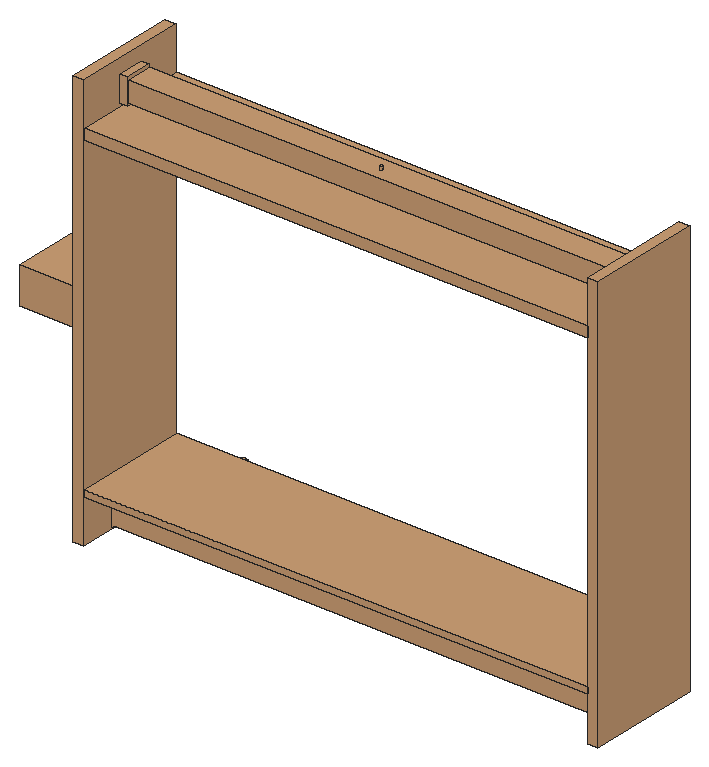
Revit family
Parameters
  Center of Unit = 0' - 0"  # constant formula
  Total Heating Capacity [instance] = 0.0 Btu/h
  Series = "VIFB"
  Outlet Area = 40.20 SF
  Lower Frame Thickness = if(Headers Height = 0' 3", 0' 1 1/4", if(Headers Height = 0' 3 1/4", 0' 1 1/4", 0' 0"))  # 0' - 1 1/4"
  Water Pressure Drop [instance] = 0.00 psi
  Water Flow [instance] = 0 GPM
  Unit Weight (lbs) = 1217
  URL = "http://www.ljwing.com/"
  Water Outlet Radius = 0' - 1 1/2"
  Headers Height = if(M = 0' 1", 0' 3", if(M = 0' 1 1/2", 0' 3 1/4", 0' 0"))  # 0' - 3 1/4"
  Number of Rows = 2  # constant formula
  Number of Coils [instance] = 0
  Nominal Length = 8' - 4 1/2"
  N = 1' - 0 3/4"
  Model = "VD-9W"
  Manufacturer = "LJ Wing"
  M = 0' - 1 1/2"
  Leaving Water Temperature [instance] = 0 °F
  Leaving Air Temperature [instance] = 0 °F
  Entering Water Temperature [instance] = 0 °F
  Entering Air Temperature [instance] = 0 °F
  Description = "Vertical Integral Face & Bypass Water Heating Coils"
  Hot Water Inlet  Radius = 0' - 1 1/2"
  Coil Face Area = Outlet Area * 0.56  # 22.512 SF
  Casing Material = ""
  Assembly Code = "D3020300"
  Air Vent Radius = 0' - 0 1/4"
  Air Pressure Drop [instance] = 0.00 in-wg
  Air Inlet Width = Nominal Length - 0' 4"  # 8' - 0 1/2"
  Air Inlet Height = Y  # 5' - 0"
  Air Flow [instance] = 0 CFM
  Y = 5' - 0"
  S = 0' - 9 3/4"  # constant formula
  Product URL = "http://www.ljwing.com/html/vifb.asp"
  OmniClass = "23-75 70 21 14"
  Nominal Height = 6' - 8"
  Nominal Depth = 1' - 10"
  R = 0' - 10 1/4"  # constant formula
  Q = 0' - 5 1/4"
Reference planes (in)
  plane 1 "Center (Front/Back)": y = 0
  plane 2: z = -30
  plane 3 "Center (Left/Right)": x = 0
  plane 4: z = 40.25
  plane 5: x = -50.25
  plane 6: x = 50.25
  plane 7: z = -39.75
  plane 8: z = 0
  plane 9: y = -11
  plane 10: y = 11
  plane 11: z = 30
  plane 12: z = 32
  plane 13: z = -31.25
  plane 14: x = 48.25
  plane 15: x = -48.25
  plane 16: x = -45
  plane 17: x = 45
  plane 18: y = 14.0625
  plane 19: x = -61.25
  plane 20: z = 37.125
  plane 21: z = 33.125
  plane 22: y = -2.5
  plane 23: y = 2.5
  plane 24: y = -4.5
  plane 25: z = -37.375
  plane 26: x = -37.5
  plane 27: x = 37.5
  plane 28: z = -33.375
Forms (in)
  Extrusion 1, solid, material "Painted Finish"
    sketch origin (0, 6, -9.75) x (1, 0, 0) y (0, 0, 1)
      loop
        line (-50.25, -30) -> (-48.25, -30) -> (-48.25, 50) -> (-50.25, 50) -> (-50.25, -30)
      loop
        line (50.25, -30) -> (50.25, 50) -> (48.25, 50) -> (48.25, -30) -> (50.25, -30)
    from -5 to 17
  Extrusion 2, solid, material "Painted Finish"
    sketch origin (0, 6, 0) x (1, 0, 0) y (0, 0, 1)
      loop
        line (48.25, -30) -> (-48.25, -30) -> (-48.25, -31.25) -> (48.25, -31.25) -> (48.25, -30)
      loop
        line (48.25, 30) -> (48.25, 32) -> (-48.25, 32) -> (-48.25, 30) -> (48.25, 30)
    from -5 to 17
  Extrusion 3, solid, material "Painted Finish"
    sketch origin (0, 10, -0.5) x (1, 0, 0) y (0, 0, 1)
      loop
        line (-50.25, 4) -> (-61.25, 4) -> (-61.25, -3) -> (-50.25, -3) -> (-50.25, 4)
    from 0 to 20
  Extrusion 4, solid, material "Painted Finish"
    sketch origin (0, 6, 0) x (1, 0, 0) y (0, 0, 1)
      loop
        line (-46.625, 37.125) -> (-46.625, 33.125) -> (46.625, 33.125) -> (46.625, 37.125) -> (-46.625, 37.125)
    from 3.5 to 8.5
  Extrusion 5, solid, material "Painted Finish"
    sketch origin (0, 0, 0) x (1, 0, 0) y (0, 0, 1)
      loop
        line (-46.625, 32.625) -> (-46.625, 37.625) -> (-48.25, 37.625) -> (-48.25, 32.625) -> (-46.625, 32.625)
      loop
        line (48.25, 32.625) -> (48.25, 37.625) -> (46.625, 37.625) -> (46.625, 32.625) -> (48.25, 32.625)
    from -2.5 to 2.5
  Extrusion 6, solid, material "Painted Finish"
    sketch origin (0, 6, 0) x (1, 0, 0) y (0, 0, 1)
      loop
        line (-47.75, -31.75) -> (-47.75, -31.5) -> (-48.25, -31.5) -> (-48.25, -35.25) -> (-47.75, -35.25) -> (-47.75, -35) -> (47.75, -35) -> (47.75, -35.25) -> (48.25, -35.25) -> (48.25, -31.5) -> (47.75, -31.5) -> (47.75, -31.75) -> (-47.75, -31.75)
      loop
        line (47.75, -39) -> (47.75, -39.125) -> (48.25, -39.125) -> (48.25, -35.5) -> (47.75, -35.5) -> (47.75, -35.75) -> (-47.75, -35.75) -> (-47.75, -35.5) -> (-48.25, -35.5) -> (-48.25, -39.25) -> (-47.75, -39.25) -> (-47.75, -39) -> (47.75, -39)
    from -5 to 10.5
  Extrusion 7, void
    sketch origin (0, 0, 0) x (1, 0, 0) y (0, 0, 1)
      loop
        line (-48.25, 30) -> (-48.25, -30) -> (48.25, -30) -> (48.25, 30) -> (-48.25, 30)
    from -11 to 11
  Extrusion 8, solid, material "Painted Finish"
    sketch origin (0, 0, 0) x (1, 0, 0) y (0, 0, 1)
      loop
        circle (37.5, -37.375) r 1.5
      loop
        circle (-37.5, -33.375) r 1.5
    from -14.0625 to -11
  Extrusion 9, solid, material "Painted Finish"
    sketch origin (0, 0, 0) x (1, 0, 0) y (0, 1, 0)
      loop
        circle (0, 0) r 0.25
    from 37.125 to 37.625
Cuts and joins
  Extrusion 7 cuts Extrusion 1
  Extrusion 7 cuts Extrusion 2
Dimensions and locks (in)
  "Nominal Length": plane 6 to plane 5
  equal spacing: plane 6, plane 3 "Center (Left/Right)", plane 5
  "S": plane 2 to plane 7
  "Nominal Depth": plane 10 to plane 9
  equal spacing: plane 10, plane 1 "Center (Front/Back)", plane 9
  "Y": plane 11 to plane 2
  "R": plane 4 to plane 11
  locked: plane 12 to plane 11 at 2
  "Lower Frame Thickness": plane 2 to plane 13
  "Q": plane 16 to plane 5
  "Q": plane 6 to plane 17
  locked: plane 18 to plane 10 at 3.0625
  locked: plane 5 to plane 19 at 11
  locked: Extrusion 3 sketch curve to Extrusion 3 sketch curve at 7
  locked: Extrusion 3 to Extrusion 3 at 20
  locked: plane 6 to plane 14 at 2
  locked: plane 15 to plane 5 at 2
  locked: Extrusion 5 sketch curve to plane 20 at 0.5
  locked: plane 21 to Extrusion 5 sketch curve at 0.5
  locked: plane 20 to plane 21 at 4
  locked: plane 23 to plane 22 at 5
  equal spacing: plane 23, plane 1 "Center (Front/Back)", plane 22
  locked: plane 22 to plane 24 at 2
  plane 4 to plane 7 = 6' - 8"
  locked: Extrusion 5 sketch curve to Extrusion 1 at 1.625
  locked: Extrusion 5 sketch curve to Extrusion 5 sketch curve at 1.625
  locked: Extrusion 7 sketch curve to plane 11 at 0
  locked: Extrusion 7 sketch curve to plane 15 at 0
  locked: Extrusion 7 sketch curve to plane 14 at 0
  locked: plane 15 to Extrusion 6 sketch curve at 0.5
  locked: Extrusion 6 sketch curve to Extrusion 6 sketch curve at 0.25  (x2)
  locked: plane 25 to plane 7 at 2.375
  "N": plane 26 to plane 5
  "N": plane 6 to plane 27
  locked: plane 28 to plane 7 at 6.375
  "Headers Height": Extrusion 6 sketch curve to Extrusion 6 sketch curve  (x2)
  locked: Extrusion 8 sketch curve to plane 25 at 0
  locked: Extrusion 8 sketch curve to plane 28 at 0
  locked: Extrusion 9 sketch curve to plane 1 "Center (Front/Back)" at 0
  locked: Extrusion 9 sketch curve to plane 3 "Center (Left/Right)" at 0
  equal spacing: Extrusion 6 sketch curve, plane 28, Extrusion 6 sketch curve
  equal spacing: Extrusion 6 sketch curve, plane 25, Extrusion 6 sketch curve
  locked: plane 4 to plane 20 at 3.125
  locked: Extrusion 7 sketch curve to plane 2 at 0
  equal spacing: plane 11, plane 8, plane 2
  locked: Extrusion 8 sketch curve to plane 27 at 0
  locked: Extrusion 8 sketch curve to plane 26 at 0
  "M": radius of Extrusion 8 sketch curve  (x2)
  "Air Vent Radius": radius of Extrusion 9 sketch curve
  aligned and locked: Extrusion 1 to plane 9
  aligned and locked: Extrusion 1 to plane 10
  aligned and locked: Extrusion 1 to plane 15
  aligned and locked: Extrusion 1 to plane 14
  aligned and locked: Extrusion 2 to plane 9
  aligned and locked: plane 9 to Extrusion 1
  aligned and locked: plane 10 to Extrusion 1  (x2)
  aligned and locked: Extrusion 2 to plane 10
  aligned and locked: plane 10 to Extrusion 2  (x2)
  aligned and locked: plane 9 to Extrusion 2  (x2)
  aligned and locked: plane 5 to Extrusion 3
  aligned and locked: Extrusion 5 sketch curve to plane 15
  aligned and locked: Extrusion 5 sketch curve to Extrusion 4
  aligned and locked: Extrusion 1 to Extrusion 6
  aligned and locked: plane 22 to Extrusion 5
  aligned and locked: Extrusion 5 to Extrusion 4  (x2)
  aligned and locked: Extrusion 5 to plane 23
  aligned and locked: Extrusion 6 to plane 24
  aligned and locked: Extrusion 4 to Extrusion 5  (x2)
  aligned and locked: Extrusion 5 to Extrusion 1  (x2)
  aligned and locked: Extrusion 1 to Extrusion 7  (x2)
  aligned and locked: plane 18 to Extrusion 8
  aligned and locked: Extrusion 8 to plane 10
  aligned and locked: plane 20 to Extrusion 9
  aligned and locked: Extrusion 9 to Extrusion 5
  aligned and locked: plane 2 to cut or joined group of Extrusion 2, Extrusion 7
  aligned and locked: Extrusion 1 sketch curve to plane 6
  aligned and locked: Extrusion 1 sketch curve to plane 14
  aligned and locked: Extrusion 1 sketch curve to plane 15
  aligned and locked: Extrusion 1 sketch curve to plane 5
  aligned and locked: Extrusion 1 sketch curve to plane 4  (x2)
  aligned and locked: plane 7 to Extrusion 1 sketch curve  (x2)
  aligned and locked: Extrusion 2 sketch curve to plane 11
  aligned and locked: Extrusion 2 sketch curve to plane 12
  aligned and locked: plane 2 to Extrusion 2 sketch curve
  aligned and locked: Extrusion 2 sketch curve to plane 13
  aligned and locked: Extrusion 2 sketch curve to plane 14  (x2)
  aligned and locked: Extrusion 2 sketch curve to plane 15  (x2)
  aligned and locked: plane 20 to Extrusion 4 sketch curve
  aligned and locked: Extrusion 4 sketch curve to plane 21
  aligned and locked: plane 14 to Extrusion 6 sketch curve
  aligned and locked: Extrusion 6 sketch curve to plane 14
  aligned and locked: Extrusion 6 sketch curve to plane 15  (x2)
Automatic sketch dimensions
  Extrusion 3 sketch curve to plane 19 = 0' - 0"
  Extrusion 3 sketch curve to plane 5 = 0' - 0"
  plane 8 to Extrusion 3 sketch curve = 0' - 3 1/2"
  Extrusion 4 sketch curve to plane 16 = 0' - 1 5/8"
  plane 17 to Extrusion 4 sketch curve = 0' - 1 5/8"
  plane 21 to Extrusion 5 sketch curve = 0' - 0 1/2"
  Extrusion 5 sketch curve to plane 20 = 0' - 0 1/2"
  plane 15 to Extrusion 6 sketch curve = 0' - 0 1/2"  (x2)
  Extrusion 6 sketch curve to Extrusion 6 sketch curve = 0' - 0 1/4"  (x5)
  Extrusion 6 sketch curve to Extrusion 6 sketch curve = 0' - 0"  (x2)
  Extrusion 6 sketch curve to plane 14 = 0' - 0 1/2"  (x2)
  Extrusion 6 sketch curve to Extrusion 6 sketch curve = 0' - 0 1/2"
  Extrusion 6 sketch curve to plane 7 = 0' - 0 5/8"
Connectors (in)
  hvac at (0, -11, 0), driven by "Air Inlet Height", driven by "Air Inlet Width", driven by "Air Flow", driven by "Air Pressure Drop"
    settings: on Extrusion 7, index 1
  hvac at (0, 11, 0), driven by "Air Pressure Drop", driven by "Air Inlet Height", driven by "Air Inlet Width", driven by "Air Flow"
    settings: on Extrusion 7, index 2
  piping at (-37.5, 14.0625, -33.375), driven by "M", driven by "Water Flow", driven by "Water Pressure Drop"
    settings: on Extrusion 8, index 4
  piping at (37.5, 14.0625, -37.375), driven by "Water Pressure Drop", driven by "Water Flow", driven by "M"
    settings: on Extrusion 8, index 5
